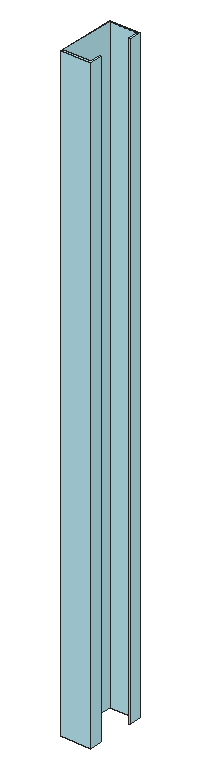
Revit family "lg100x50x20x2-3", category 機械設備, Revit 2022
Family settings
  丸型コネクタ寸法 = 直径を使用
  種別 = なし
  パーツ タイプ = 標準
  作業面ベース = いいえ
  常に垂直 = はい
  ロード時にボイドで切り取り = いいえ
  注釈の向きを維持 = いいえ
  共有 = いいえ
  部屋計算ポイント = いいえ
Parameters
  製造元 = "株式会社桐井製作所"
  既定の高さ = 0 mm
  URL = "https://www.kirii.co.jp/"
  K_長さ(mm) [instance] = 1000 mm
  K_材質 = "SSC400"
  K_断面積A(mm2) = 517.2
  K_断面係数Zy(mm3) = 6058
  K_断面係数Zx(mm3) = 16130
  K_断面2次半径iy(mm) = 19.2
  K_断面2次半径ix(mm) = 39.5
  K_断面2次モーメントIy(mm4) = 190000
  K_断面2次モーメントIx(mm4) = 806900
  K_外形寸法(mm) = "100×50×20×2.3"
  K_品名 = "(JIS)100×50×20×2.3"
  K_名称 = "補強材"
  K_単位質量(kg/m) = 4.101
  K_ヤング係数E(N/mm2) = 205000
  K_バージョン情報 = "20210524"
  K_めっき付着量 = "Z12"
  K_JIS規格 = "JIS G 3350"
Reference planes
  plane 1 "中心(正面/背面)": y = 0
  plane 2: z = 0
  plane 3 "中心(左/右)": x = 0
  plane 4: z = 1000
  plane 5: y = 100
Forms (mm)
  Extrusion 1, solid
    sketch origin (0, 0, 0) x (1, 0, 0) y (0, 1, 0)
      loop
        line (0, 0) -> (50, 0) -> (50, 20) -> (47.7, 20) -> (47.7, 2.3) -> (2.3, 2.3) -> (2.3, 97.7) -> (47.7, 97.7) -> (47.7, 80) -> (50, 80) -> (50, 100) -> (0, 100) -> (0, 0)
    from 0 to 1000
Dimensions and locks
  "K_長さ(mm)": plane 4 to plane 2
  aligned and locked: level to plane 2
  aligned and locked: plane 4 to Extrusion 1
  aligned and locked: plane 5 to Extrusion 1  (x2)
Automatic sketch dimensions
  Extrusion 1 sketch curve to plane 3 "中心(左/右)" = 0 mm
  plane 1 "中心(正面/背面)" to Extrusion 1 sketch curve = 0 mm
  plane 3 "中心(左/右)" to Extrusion 1 sketch curve = 2.3 mm
  Extrusion 1 sketch curve to plane 1 "中心(正面/背面)" = 20 mm
  Extrusion 1 sketch curve to Extrusion 1 sketch curve = 45.4 mm  (x2)
  Extrusion 1 sketch curve to Extrusion 1 sketch curve = 2.3 mm  (x3)
  Extrusion 1 sketch curve to plane 1 "中心(正面/背面)" = 2.3 mm
  Extrusion 1 sketch curve to Extrusion 1 sketch curve = 60 mm
  Extrusion 1 sketch curve to Extrusion 1 sketch curve = 17.7 mm
